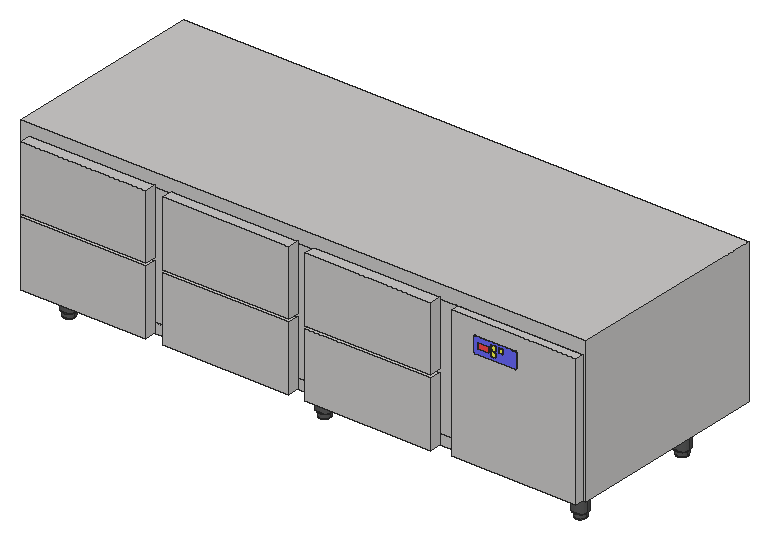
Revit family "QF_CAPIC_CELTIC_W383117", category Equipement spécialisé, Revit 2018
Family settings
  Cote de connecteur circulaire = Utiliser le diamètre
  Type d'élément = Normal
  Numéro OmniClass = 23.40.40.14
  Titre OmniClass = Food Service Equipment
  Basée sur le plan de construction = Non
  Toujours verticalement = Oui
  Couper avec des vides une fois chargée = Non
  Partagée = Non
  Point de calcul de pièce = Non
Parameters (values of type "L=2000mm")
  URL catalogue = "http://www.capic-fr.com/fr/"
  Type de Raccord Plomberie [instance] = ""
  Type de Raccord Electrique [instance] = "Bornier interne"
  Type de Gaz = ""
  Type article [instance] = ""
  Tension = 230 V
  Spécification du Fabricant = ""
  Show Logo = yes
  Remarques evacuation [instance] = "ecoulement condensat sous le meuble"
  Remarques Plomberie [instance] = ""
  Remarques Electricité [instance] = "230V x1 +T"
  Puissance électrique  = 860 W
  Puissance Gaz kW = 0
  Profondeur hors tout = 722 mm
  Pression Maximum Eau Adoucie = 0.0 Pa
  Poids net à vide = 200.00 kg
  Phase = 1
  Modèle = "W383117"
  Longueur hors tout = 2000 mm
  Intensité nominale = 0 A
  Hauteur hors tout = 630 mm
  Hauteur de Raccordement du Sol Finis = 195 mm
  Hauteur de Raccordement Gaz du Sol Finis = 0 mm
  Hauteur de Raccordement Evacuation Directe du Sol Finis = 0 mm
  Hauteur de Raccordement Eau Froide du Sol Finis = 0 mm
  Hauteur de Raccordement Eau Chaude du Sol Finis = 0 mm
  Hauteur de Raccordement Eau Adoucie du Sol Finis = 0 mm
  Fréquence = 50 Hz
  Fabricant = "CAPIC"
  Débit d'air d'extraction = 0.0 m³/h
  Débit Gaz = 0.0 L/s
  Débit Eau Froide = 0.0 L/s
  Débit Eau Chaude = 0.0 L/s
  Débit Eau Adoucie = 0.0 L/s
  Diamètre de Raccordement Gaz = 0 mm
  Diamètre de Raccordement Evacuation = 20 mm
  Diamètre de Raccordement Eau Froide = 0 mm
  Diamètre de Raccordement Eau Chaude = 0 mm
  Diamètre de Raccordement Eau Adoucie = 0 mm
  Description = "6 tiroirs refigérés + groupe"
  Assembly Code = ""
  Classification  Omniclass nombre et titre = "23.40.40.14"
Reference planes
  plane 1 "Centre (avant/arrière)": y = 0
  plane 2: z = 0
  plane 3 "Centre (gauche/droite)": x = 0
  plane 4 "Centre G/E": y = 0
  plane 5: y = -838
  plane 6: x = 2000
  plane 7: x = 1998
  plane 8: x = 2
  plane 9: x = 1965
  plane 10: y = -818
  plane 11: x = 1958
  plane 12: z = 141
  plane 13: x = 42
  plane 14: x = 35
  plane 15: y = -182
  plane 16: z = 621
  plane 17: z = 120
  plane 18: y = -116
  plane 19 "Centre G/G": y = -83
Forms (mm)
  Extrusion 1, solid, material "QF_Stainless Steel-Brushed"
    sketch origin (1480, 0, 0) x (1, 0, 0) y (0, 0, 1)
      loop
        line (-1480, 630) -> (-1480, 120) -> (520, 120) -> (520, 630) -> (-1480, 630)
    from 838 to 116
  Extrusion 2, void
    sketch origin (1480, 0, 0) x (1, 0, 0) y (0, 0, 1)
      loop
        line (-1445, 155.456) -> (485, 155.456) -> (485, 585.456) -> (-1445, 585.456) -> (-1445, 155.456)
    from 838 to 182
  Extrusion 3, void
    sketch origin (1480, 0, 0) x (1, 0, 0) y (0, 1, 0)
      loop
        line (-1445, -182) -> (-1445, -820) -> (485, -820) -> (485, -182) -> (-1445, -182)
    from 120 to 141
  Extrusion 4, solid, material "QF_Stainless Steel-Brushed"
    sketch origin (1480, -838, 0) x (1, 0, 0) y (0, 0, 1)
      loop
        line (-1445, 585.456) -> (-1445, 155.456) -> (485, 155.456) -> (485, 585.456) -> (-1445, 585.456)
    from 0 to -1
  Extrusion 5, solid, material "QF_Stainless Steel-Brushed"
    sketch origin (1480, -838, 0) x (1, 0, 0) y (0, 0, 1)
      loop
        line (70, 585) -> (70, 120) -> (510, 120) -> (510, 585) -> (70, 585)
    from 0 to 30
  Extrusion 6, solid, material "QF_Stainless Steel-Brushed"
    sketch origin (1415.16, -838, 19.9) x (1, 0, 0) y (0, 0, 1)
      loop
        line (-1385.66, 570.1) -> (-1385.66, 340.1) -> (-940.66, 340.1) -> (-940.66, 570.1) -> (-1385.66, 570.1)
    from 0 to 40
  Extrusion 7, solid, material "QF_Stainless Steel-Brushed"
    sketch origin (1415.16, -838, -220.1) x (1, 0, 0) y (0, 0, 1)
      loop
        line (-1385.66, 570.1) -> (-1385.66, 340.1) -> (-940.66, 340.1) -> (-940.66, 570.1) -> (-1385.66, 570.1)
    from 0 to 40
  Extrusion 8, solid, material "QF_Stainless Steel-Brushed"
    sketch origin (1920.16, -838, 19.9) x (1, 0, 0) y (0, 0, 1)
      loop
        line (-1385.66, 570.1) -> (-1385.66, 340.1) -> (-940.66, 340.1) -> (-940.66, 570.1) -> (-1385.66, 570.1)
    from 0 to 40
  Extrusion 9, solid, material "QF_Stainless Steel-Brushed"
    sketch origin (1920.16, -838, -220.1) x (1, 0, 0) y (0, 0, 1)
      loop
        line (-1385.66, 570.1) -> (-1385.66, 340.1) -> (-940.66, 340.1) -> (-940.66, 570.1) -> (-1385.66, 570.1)
    from 0 to 40
  Extrusion 10, solid, material "QF_Stainless Steel-Brushed"
    sketch origin (2425.16, -838, 19.9) x (1, 0, 0) y (0, 0, 1)
      loop
        line (-1385.66, 570.1) -> (-1385.66, 340.1) -> (-940.66, 340.1) -> (-940.66, 570.1) -> (-1385.66, 570.1)
    from 0 to 40
  Extrusion 11, solid, material "QF_Stainless Steel-Brushed"
    sketch origin (2425.16, -838, -220.1) x (1, 0, 0) y (0, 0, 1)
      loop
        line (-1385.66, 570.1) -> (-1385.66, 340.1) -> (-940.66, 340.1) -> (-940.66, 570.1) -> (-1385.66, 570.1)
    from 0 to 40
Cuts and joins
  Extrusion 2, Extrusion 3 cuts Extrusion 1
Lines and regions (mm)
  model lines
    curve 1: line (197, -878, 570) -> (307, -878, 570)
    curve 2: line (197, -878, 515) -> (197, -878, 570)
    curve 3: line (307, -878, 515) -> (197, -878, 515)
    curve 4: line (307, -878, 570) -> (307, -878, 515)
    curve 5: line (300, -878, 563) -> (204, -878, 563)
    curve 6: line (204, -878, 563) -> (204, -878, 522)
    curve 7: line (300, -878, 522) -> (300, -878, 563)
    curve 8: line (204, -878, 522) -> (300, -878, 522)
    curve 9: line (197, -878, 330) -> (307, -878, 330)
    curve 10: line (197, -878, 275) -> (197, -878, 330)
    curve 11: line (307, -878, 275) -> (197, -878, 275)
    curve 12: line (307, -878, 330) -> (307, -878, 275)
    curve 13: line (300, -878, 323) -> (204, -878, 323)
    curve 14: line (204, -878, 323) -> (204, -878, 282)
    curve 15: line (300, -878, 282) -> (300, -878, 323)
    curve 16: line (204, -878, 282) -> (300, -878, 282)
    curve 17: line (1570, -868, 361.312) -> (1970, -868, 361.312)
    curve 18: line (1570, -868, 140) -> (1570, -868, 361.312)
    curve 19: line (1970, -868, 140) -> (1570, -868, 140)
    curve 20: line (1970, -868, 361.312) -> (1970, -868, 140)
    curve 21: line (1570, -868, 346.312) -> (1970, -868, 346.312)
    curve 22: line (1570, -868, 331.312) -> (1970, -868, 331.312)
    curve 23: line (1570, -868, 316.312) -> (1970, -868, 316.312)
    curve 24: line (1570, -868, 301.312) -> (1970, -868, 301.312)
    curve 25: line (1570, -868, 286.312) -> (1970, -868, 286.312)
    curve 26: line (1570, -868, 271.312) -> (1970, -868, 271.312)
    curve 27: line (1570, -868, 256.312) -> (1970, -868, 256.312)
    curve 28: line (1570, -868, 241.312) -> (1970, -868, 241.312)
    curve 29: line (1570, -868, 226.312) -> (1970, -868, 226.312)
    curve 30: line (1570, -868, 211.312) -> (1970, -868, 211.312)
    curve 31: line (1570, -868, 196.312) -> (1970, -868, 196.312)
    curve 32: line (1570, -868, 181.312) -> (1970, -868, 181.312)
    curve 33: line (1570, -868, 166.312) -> (1970, -868, 166.312)
    curve 34: line (1570, -868, 151.312) -> (1970, -868, 151.312)
    curve 35: line (702, -878, 570) -> (812, -878, 570)
    curve 36: line (702, -878, 515) -> (702, -878, 570)
    curve 37: line (812, -878, 515) -> (702, -878, 515)
    curve 38: line (812, -878, 570) -> (812, -878, 515)
    curve 39: line (805, -878, 563) -> (709, -878, 563)
    curve 40: line (709, -878, 563) -> (709, -878, 522)
    curve 41: line (805, -878, 522) -> (805, -878, 563)
    curve 42: line (709, -878, 522) -> (805, -878, 522)
    curve 43: line (702, -878, 330) -> (812, -878, 330)
    curve 44: line (702, -878, 275) -> (702, -878, 330)
    curve 45: line (812, -878, 275) -> (702, -878, 275)
    curve 46: line (812, -878, 330) -> (812, -878, 275)
    curve 47: line (805, -878, 323) -> (709, -878, 323)
    curve 48: line (709, -878, 323) -> (709, -878, 282)
    curve 49: line (805, -878, 282) -> (805, -878, 323)
    curve 50: line (709, -878, 282) -> (805, -878, 282)
    curve 51: line (1207, -878, 570) -> (1317, -878, 570)
    curve 52: line (1207, -878, 515) -> (1207, -878, 570)
    curve 53: line (1317, -878, 515) -> (1207, -878, 515)
    curve 54: line (1317, -878, 570) -> (1317, -878, 515)
    curve 55: line (1310, -878, 563) -> (1214, -878, 563)
    curve 56: line (1214, -878, 563) -> (1214, -878, 522)
    curve 57: line (1310, -878, 522) -> (1310, -878, 563)
    curve 58: line (1214, -878, 522) -> (1310, -878, 522)
    curve 59: line (1207, -878, 330) -> (1317, -878, 330)
    curve 60: line (1207, -878, 275) -> (1207, -878, 330)
    curve 61: line (1317, -878, 275) -> (1207, -878, 275)
    curve 62: line (1317, -878, 330) -> (1317, -878, 275)
    curve 63: line (1310, -878, 323) -> (1214, -878, 323)
    curve 64: line (1214, -878, 323) -> (1214, -878, 282)
    curve 65: line (1310, -878, 282) -> (1310, -878, 323)
    curve 66: line (1214, -878, 282) -> (1310, -878, 282)
Dimensions and locks
  locked: plane 9 to plane 6 at 35
  locked: plane 10 to plane 5 at 20
  "Profondeur hors tout": plane 5 to plane 18
  locked: plane 7 to plane 6 at 2
  locked: plane 3 "Centre (gauche/droite)" to plane 8 at 2
  "Longueur hors tout": plane 3 "Centre (gauche/droite)" to plane 6
  locked: plane 3 "Centre (gauche/droite)" to plane 14 at 35
  locked: plane 3 "Centre (gauche/droite)" to plane 13 at 42
  locked: plane 11 to plane 6 at 42
  locked: plane 15 to plane 5 at 656
  plane 12 to plane 17 to plane 2 = 21 mm locked, 120 mm locked
  aligned and locked: level to plane 2
  aligned and locked: Extrusion 1 to Extrusion 2
  aligned and locked: cut or joined group of Extrusion 1, Extrusion 2, Extrusion 3 to plane 5
  aligned and locked: nested 1 to plane 12
  aligned and locked: nested 2 to plane 12
  aligned and locked: nested 2 to plane 13
  aligned and locked: nested 1 to plane 13
  aligned and locked: nested 3 to plane 11
  aligned and locked: nested 4 to plane 11
  aligned and locked: plane 15 to cut or joined group of Extrusion 1, Extrusion 2, Extrusion 3
  aligned and locked: cut or joined group of Extrusion 1, Extrusion 2, Extrusion 3 to plane 15
  aligned and locked: cut or joined group of Extrusion 1, Extrusion 2, Extrusion 3 to plane 18
  aligned and locked: plane 14 to Extrusion 4 sketch curve
  aligned and locked: Extrusion 5 sketch curve to plane 17
Automatic sketch dimensions
  Extrusion 1 sketch curve to plane 3 "Centre (gauche/droite)" = 0 mm
  Extrusion 1 sketch curve to plane 6 = 0 mm
  Extrusion 1 sketch curve to plane 17 = 0 mm
  plane 16 to Extrusion 1 sketch curve = 9 mm
  Extrusion 2 sketch curve to plane 14 = 0 mm
  Extrusion 2 sketch curve to plane 9 = 0 mm
  Extrusion 2 sketch curve to plane 12 = 14.456 mm
  Extrusion 2 sketch curve to plane 16 = 35.544 mm
  Extrusion 3 sketch curve to plane 14 = 0 mm
  Extrusion 3 sketch curve to plane 9 = 0 mm
  Extrusion 3 sketch curve to plane 15 = 0 mm
  Extrusion 4 sketch curve to Extrusion 1 = 35 mm
  Extrusion 4 sketch curve to Extrusion 1 = 35.456 mm
  Extrusion 4 sketch curve to Extrusion 1 = 44.544 mm
  Extrusion 5 sketch curve to Extrusion 4 = 415 mm
  Extrusion 4 to Extrusion 5 sketch curve = 25 mm
  Extrusion 5 sketch curve to Extrusion 4 = 0.456 mm
  Extrusion 6 sketch curve to Extrusion 1 = 29.5 mm
  Extrusion 6 sketch curve to Extrusion 6 sketch curve = 445 mm
  Extrusion 6 sketch curve to Extrusion 1 = 240 mm
  Extrusion 6 sketch curve to Extrusion 1 = 40 mm
  curve 1 to Extrusion 6 = 20 mm
  curve 1 to Extrusion 6 = 167.5 mm
  curve 2 to curve 8 = 7 mm
  curve 5 to Extrusion 6 = 27 mm
  curve 5 to curve 5 = 96 mm
  curve 7 to curve 3 = 7 mm
  curve 6 to curve 5 = 41 mm
  curve 3 to curve 6 = 7 mm
  Extrusion 7 sketch curve to Extrusion 1 = 0 mm
  Extrusion 7 sketch curve to Extrusion 1 = 29.5 mm
  Extrusion 7 sketch curve to Extrusion 7 sketch curve = 445 mm
  Extrusion 7 sketch curve to Extrusion 7 sketch curve = 230 mm
  curve 9 to Extrusion 7 = 20 mm
  curve 9 to Extrusion 7 = 167.5 mm
  curve 10 to curve 16 = 7 mm
  curve 13 to Extrusion 7 = 27 mm
  curve 13 to curve 13 = 96 mm
  curve 15 to curve 11 = 7 mm
  curve 14 to curve 13 = 41 mm
  curve 11 to curve 14 = 7 mm
  curve 17 to Extrusion 5 = 20 mm
  curve 20 to Extrusion 5 = 20 mm
  curve 19 to Extrusion 5 = 20 mm
  curve 18 to curve 18 = 221.312 mm
  curve 18 to curve 34 = 11.312 mm
  curve 34 to curve 33 = 15 mm
  curve 33 to curve 32 = 15 mm
  curve 32 to curve 31 = 15 mm
  curve 31 to curve 30 = 15 mm
  curve 30 to curve 29 = 15 mm
  curve 29 to curve 28 = 15 mm
  curve 28 to curve 27 = 15 mm
  curve 27 to curve 26 = 15 mm
  curve 26 to curve 25 = 15 mm
  curve 25 to curve 24 = 15 mm
  curve 24 to curve 23 = 15 mm
  curve 23 to curve 22 = 15 mm
  curve 21 to curve 17 = 15 mm
  Extrusion 8 sketch curve to Extrusion 1 = 240 mm
  Extrusion 8 sketch curve to Extrusion 1 = 534.5 mm
  Extrusion 8 sketch curve to Extrusion 8 sketch curve = 445 mm
  Extrusion 8 sketch curve to Extrusion 1 = 40 mm
  curve 35 to Extrusion 8 = 20 mm
  curve 35 to Extrusion 8 = 167.5 mm
  curve 36 to curve 42 = 7 mm
  curve 39 to Extrusion 8 = 27 mm
  curve 39 to curve 39 = 96 mm
  curve 41 to curve 37 = 7 mm
  curve 40 to curve 39 = 41 mm
  curve 37 to curve 40 = 7 mm
  Extrusion 9 sketch curve to Extrusion 1 = 0 mm
  Extrusion 9 sketch curve to Extrusion 1 = 534.5 mm
  Extrusion 9 sketch curve to Extrusion 9 sketch curve = 445 mm
  Extrusion 9 sketch curve to Extrusion 9 sketch curve = 230 mm
  curve 43 to Extrusion 9 = 20 mm
  curve 43 to Extrusion 9 = 167.5 mm
  curve 44 to curve 50 = 7 mm
  curve 47 to Extrusion 9 = 27 mm
  curve 47 to curve 47 = 96 mm
  curve 49 to curve 45 = 7 mm
  curve 48 to curve 47 = 41 mm
  curve 45 to curve 48 = 7 mm
  Extrusion 10 sketch curve to Extrusion 1 = 240 mm
  Extrusion 10 sketch curve to Extrusion 1 = 960.5 mm
  Extrusion 10 sketch curve to Extrusion 10 sketch curve = 445 mm
  Extrusion 10 sketch curve to Extrusion 1 = 40 mm
  curve 51 to Extrusion 10 = 20 mm
  curve 51 to Extrusion 10 = 167.5 mm
  curve 52 to curve 58 = 7 mm
  curve 55 to Extrusion 10 = 27 mm
  curve 55 to curve 55 = 96 mm
  curve 57 to curve 53 = 7 mm
  curve 56 to curve 55 = 41 mm
  curve 53 to curve 56 = 7 mm
  Extrusion 11 sketch curve to Extrusion 1 = 0 mm
  Extrusion 11 sketch curve to Extrusion 1 = 960.5 mm
  Extrusion 11 sketch curve to Extrusion 11 sketch curve = 445 mm
  Extrusion 11 sketch curve to Extrusion 11 sketch curve = 230 mm
  curve 59 to Extrusion 11 = 20 mm
  curve 59 to Extrusion 11 = 167.5 mm
  curve 60 to curve 66 = 7 mm
  curve 63 to Extrusion 11 = 27 mm
  curve 63 to curve 63 = 96 mm
  curve 65 to curve 61 = 7 mm
  curve 64 to curve 63 = 41 mm
  curve 61 to curve 64 = 7 mm
  Extrusion 3 sketch curve to plane 10 = 2 mm
Nested families
  nested 1: "QF_Details_Pied" at (93.5, -343.5, 0), type "QF_Details_Pied"
  nested 2: "QF_Details_Pied" at (93.5, -793.5, 0), type "QF_Details_Pied"
  nested 3: "QF_Details_Pied" at (1906.5, -343.5, 0), type "QF_Details_Pied"
  nested 4: "QF_Details_Pied" at (1906.5, -793.5, 0), type "QF_Details_Pied"
  nested 5: "QF_Details_CarteCdeDroit" at (1630, -11, -240), type "QF_Details_CarteCdeDroit"
  nested 6: "QF_Details_Pied" at (1000, -343.5, 0), type "QF_Details_Pied"
  nested 7: "QF_Details_Pied" at (1000, -793.5, 0), type "QF_Details_Pied"
Connectors
  piping at (750, -553, 141), diameter 20
    settings: on Extrusion 3, index 1, connector inside diameter 609.6 mm, connector length 0 mm, flow factor 0, pipe flow 0.0 L/s, pressure drop 0.0 Pa, fitting loss kfactor 0, connector angle 0.00°, fixture units 0, engagement length 0 mm, angle of deflection 0.00°, flow configuration 0, flow direction 0, fitting loss method 0, system type 16, joint type 0, gender type 0, connector reference index -1, connector utility 0, adjustable connector no, is connector primary yes, connector description ""
Definition of nested family "QF_Details_Pied"
  Reference planes
    plane 1 "Centre (avant/arrière)": y = 0
    plane 2: z = 0
    plane 3 "Centre (gauche/droite)": x = 0
  Forms (mm)
    Extrusion 1, solid
      sketch origin (-137.492, 51.5, -340.756) x (1, 0, 0) y (0, 0, 1)
        loop
          line (85.992, 481.756) -> (85.992, 472.756) -> (188.992, 472.756) -> (188.992, 481.756) -> (85.992, 481.756)
      from -51.5 to 51.5
    Revolve 2, solid
      sketch origin (0, 51.5, -9) x (1, 0, 0) y (0, 0, 1)
        loop
          line (0, 141) -> (0, 9) -> (19.21, 9) -> (19.21, 13) -> (20.21, 13) -> (20.21, 26) -> (21.71, 26) -> (26.66, 30.95) -> (26.66, 90.95) -> (31.468, 136.698) -> (36.246, 141) -> (0, 141)
        axis (0, 141) -> (0, 9)
      angle from 0 to 360
  Dimensions and locks
    aligned and locked: level to plane 2
    aligned and locked: Extrusion 1 to Revolve 2 sketch curve
Definition of nested family "QF_Details_CarteCdeDroit"
  Reference planes
    plane 1 "Centre (avant/arrière)": y = 0
    plane 2: z = 0
    plane 3 "Centre (gauche/droite)": x = 0
  Forms (mm)
    Extrusion 1, solid
      sketch origin (0, -857, -12.998) x (1, 0, 0) y (0, 0, 1)
        loop
          arc (7, 787.388) -> (2.05, 785.338) -> (0, 780.388) r 7
          line (0, 780.388) -> (0, 735.388)
          arc (0, 735.388) -> (2.05, 730.439) -> (7, 728.388) r 7
          line (7, 728.388) -> (145, 728.388)
          arc (145, 728.388) -> (149.95, 730.439) -> (152, 735.388) r 7
          line (152, 735.388) -> (152, 780.388)
          arc (152, 780.388) -> (149.95, 785.338) -> (145, 787.388) r 7
          line (145, 787.388) -> (7, 787.388)
        loop
          line (15, 767.388) -> (15, 748.388) -> (54, 748.388) -> (54, 767.388) -> (15, 767.388)
        loop
          line (74, 776.917) -> (61, 776.917) -> (61, 763.917)
          arc (61, 763.917) -> (62.172, 761.089) -> (65, 759.917) r 4
          line (65, 759.917) -> (78, 759.917) -> (78, 772.917)
          arc (78, 772.917) -> (76.828, 775.745) -> (74, 776.917) r 4
        loop
          line (99, 776.917) -> (86, 776.917) -> (86, 763.917)
          arc (86, 763.917) -> (87.172, 761.089) -> (90, 759.917) r 4
          line (90, 759.917) -> (103, 759.917) -> (103, 772.917)
          arc (103, 772.917) -> (101.828, 775.745) -> (99, 776.917) r 4
        loop
          line (74, 756.917) -> (61, 756.917) -> (61, 743.917)
          arc (61, 743.917) -> (62.172, 741.089) -> (65, 739.917) r 4
          line (65, 739.917) -> (78, 739.917) -> (78, 752.917)
          arc (78, 752.917) -> (76.828, 755.745) -> (74, 756.917) r 4
      from 0 to 0.5
    Extrusion 2, solid
      sketch origin (0, -857, 0) x (1, 0, 0) y (0, 0, 1)
        loop
          line (15, 754.391) -> (15, 735.391) -> (54, 735.391) -> (54, 754.391) -> (15, 754.391)
      from 0 to 0.5
    Extrusion 3, solid
      sketch origin (0, -857, 0) x (1, 0, 0) y (0, 0, 1)
        loop
          line (61, 763.919) -> (61, 750.919)
          arc (61, 750.919) -> (62.172, 748.091) -> (65, 746.919) r 4
          line (65, 746.919) -> (78, 746.919) -> (78, 759.919)
          arc (78, 759.919) -> (76.828, 762.748) -> (74, 763.919) r 4
          line (74, 763.919) -> (61, 763.919)
      from 0 to 0.5
    Extrusion 4, solid
      sketch origin (0, -857, -20) x (1, 0, 0) y (0, 0, 1)
        loop
          line (61, 763.919) -> (61, 750.919)
          arc (61, 750.919) -> (62.172, 748.091) -> (65, 746.919) r 4
          line (65, 746.919) -> (78, 746.919) -> (78, 759.919)
          arc (78, 759.919) -> (76.828, 762.748) -> (74, 763.919) r 4
          line (74, 763.919) -> (61, 763.919)
      from 0 to 0.5
    Extrusion 5, solid
      sketch origin (25, -857, 0) x (1, 0, 0) y (0, 0, 1)
        loop
          line (61, 763.919) -> (61, 750.919)
          arc (61, 750.919) -> (62.172, 748.091) -> (65, 746.919) r 4
          line (65, 746.919) -> (78, 746.919) -> (78, 759.919)
          arc (78, 759.919) -> (76.828, 762.748) -> (74, 763.919) r 4
          line (74, 763.919) -> (61, 763.919)
      from 0 to 0.5
  Dimensions and locks
    aligned and locked: level to plane 2
